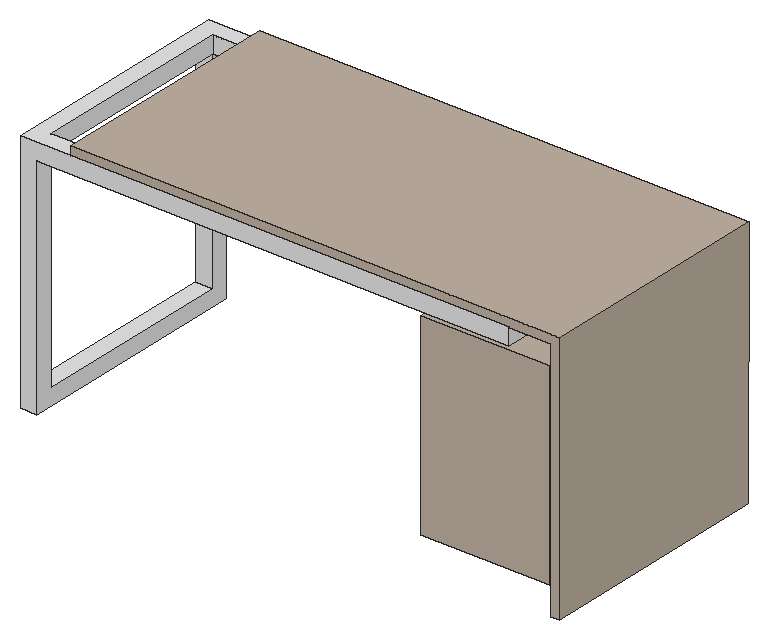
Revit family "escritorio1", category Furniture, Revit 2015
Parameters
  material madera = wood
  material base = metal
  largo = 1600.051 mm
  gap surface = 150 mm
  ancho = 699.87 mm
Reference planes
  plane 1 "Center (Front/Back)": y = 0
  plane 2: z = 0
  plane 3 "Center (Left/Right)": x = 0
Forms (mm)
  Extrusion 1, solid, material "wood" <- "material madera"
    sketch origin (0, 0, 0) x (1, 0, 0) y (0, 1, 0)
      loop
        line (-650.025, 349.935) -> (-650.025, -349.935) -> (800.025, -349.935) -> (800.025, 349.935) -> (-650.025, 349.935)
    from 725 to 750
  Extrusion 2, solid, material "metal" <- "material base"
    sketch origin (0, 0, 0) x (1, 0, 0) y (0, 1, 0)
      loop
        line (-800.025, 349.935) -> (-800.025, -349.935) -> (650.025, -349.935) -> (650.025, 349.935) -> (-800.025, 349.935)
      loop
        line (600.025, 299.935) -> (-750.025, 299.935) -> (-750.025, -299.935) -> (600.025, -299.935) -> (600.025, 299.935)
    from 675 to 725
  Extrusion 3, solid, material "metal" <- "material base"
    sketch origin (-1525.025, 0, 0) x (0, 1, 0) y (0, 0, 1)
      loop
        line (349.935, 725) -> (-349.935, 725) -> (-349.935, 0) -> (349.935, 0) -> (349.935, 725)
      loop
        line (299.935, 50) -> (299.935, 675) -> (-299.935, 675) -> (-299.935, 50) -> (299.935, 50)
    from 725 to 775
  Extrusion 4, solid, material "wood" <- "material madera"
    sketch origin (20, 0, 0) x (1, 0, 0) y (0, 1, 0)
      loop
        line (755.025, 349.935) -> (755.025, -349.935) -> (780.025, -349.935) -> (780.025, 349.935) -> (755.025, 349.935)
    from 0 to 725
  Extrusion 5, solid, material "wood" <- "material madera"
    sketch origin (-100, 0, 0) x (1, 0, 0) y (0, 1, 0)
      loop
        line (449.675, 299.935) -> (449.675, -299.935) -> (829.675, -299.935) -> (829.675, 299.935) -> (449.675, 299.935)
    from 46.399 to 627.389
Cuts and joins
  joined: Extrusion 2, Extrusion 3
  joined: Extrusion 1, Extrusion 4
Lines and regions (mm)
  reference lines
    curve 1: line (-800.025, 746.401, 0) -> (-800.025, -1113.599, 0)
    curve 2: line (800.025, 746.401, 0) -> (800.025, -1113.599, 0)
    curve 3: line (1445.139, 349.935, 0) -> (-1334.228, 349.935, 0)
    curve 4: line (1445.139, -349.935, 0) -> (-1334.228, -349.935, 0)
    curve 5: line (-650.025, 746.401, 0) -> (-650.025, -1113.599, 0)
    curve 6: line (650.025, 746.401, 0) -> (650.025, -1113.599, 0)
Dimensions and locks
  equal spacing: curve 1, plane 3 "Center (Left/Right)", curve 2
  "largo": curve 1 to curve 2
  equal spacing: curve 3, plane 1 "Center (Front/Back)", curve 4
  "ancho": curve 3 to curve 4
  "gap surface": curve 1 to curve 5
  "gap surface": curve 6 to curve 2
  aligned and locked: level to plane 2
  aligned and locked: curve 5 to Extrusion 1
  aligned and locked: Extrusion 1 to curve 2
  aligned and locked: curve 4 to Extrusion 1
  aligned and locked: curve 3 to Extrusion 1
  aligned and locked: Extrusion 2 to curve 6
  aligned and locked: curve 1 to Extrusion 2
  aligned and locked: Extrusion 4 to curve 2
Automatic sketch dimensions
  Extrusion 1 sketch curve to plane 3 "Center (Left/Right)" = 650.025 mm
  plane 1 "Center (Front/Back)" to Extrusion 1 sketch curve = 349.935 mm
  plane 3 "Center (Left/Right)" to Extrusion 1 sketch curve = 800.025 mm
  Extrusion 1 sketch curve to plane 1 "Center (Front/Back)" = 349.935 mm
  curve 3 to curve 1 = 534.203 mm
  curve 4 to curve 3 = 0 mm
  curve 2 to curve 4 = 645.114 mm
  curve 3 to curve 4 = 0 mm
  curve 6 to curve 4 = 763.664 mm
  curve 6 to curve 2 = 0 mm  (x2)
  curve 5 to curve 4 = 763.664 mm
  curve 1 to curve 5 = 0 mm  (x2)
  curve 2 to plane 1 "Center (Front/Back)" = 746.401 mm
  curve 3 to curve 1 = 396.465 mm
  Extrusion 2 sketch curve to plane 1 "Center (Front/Back)" = 349.935 mm
  Extrusion 2 sketch curve to plane 3 "Center (Left/Right)" = 800.025 mm
  Extrusion 2 sketch curve to Extrusion 2 sketch curve = 50 mm  (x3)
  Extrusion 2 sketch curve to plane 1 "Center (Front/Back)" = 299.935 mm
  plane 3 "Center (Left/Right)" to Extrusion 2 sketch curve = 600.025 mm
  plane 1 "Center (Front/Back)" to Extrusion 2 sketch curve = 299.935 mm
  Extrusion 3 sketch curve to level = 0 mm
  plane 1 "Center (Front/Back)" to Extrusion 3 sketch curve = 349.935 mm
  Extrusion 3 sketch curve to Extrusion 3 sketch curve = 50 mm  (x3)
  Extrusion 3 sketch curve to plane 1 "Center (Front/Back)" = 299.935 mm
  level to Extrusion 3 sketch curve = 50 mm
  Extrusion 3 sketch curve to Extrusion 3 sketch curve = 625 mm
  plane 1 "Center (Front/Back)" to Extrusion 4 sketch curve = 349.935 mm
  plane 3 "Center (Left/Right)" to Extrusion 4 sketch curve = 775.025 mm
  Extrusion 4 sketch curve to Extrusion 4 sketch curve = 25 mm
  Extrusion 4 sketch curve to plane 1 "Center (Front/Back)" = 349.935 mm
  plane 3 "Center (Left/Right)" to Extrusion 5 sketch curve = 349.675 mm
  Extrusion 5 sketch curve to Extrusion 5 sketch curve = 380 mm
  plane 1 "Center (Front/Back)" to Extrusion 5 sketch curve = 299.935 mm
  Extrusion 5 sketch curve to plane 1 "Center (Front/Back)" = 299.935 mm
